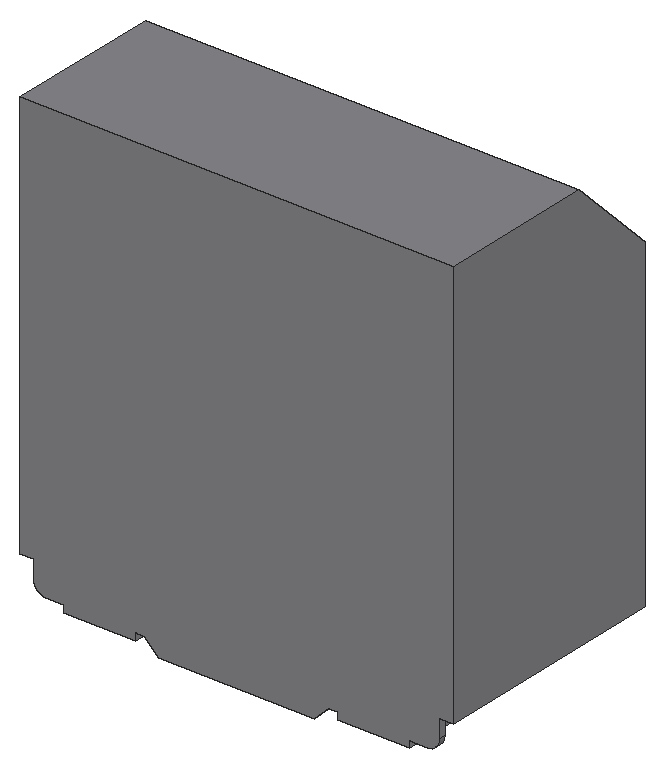
Revit family "FSR_Raceway_SW-WF-HP", category Electrical Fixtures, Revit 2026
Family settings
  Round Connector Dimension = Use Diameter
  Part Type = Normal
  Classification Number = 23.80.00.00
  Work Plane-Based = No
  Always vertical = Yes
  Cut with Voids When Loaded = No
  Maintain Annotation Orientation = No
  Shared = No
  Room Calculation Point = No
Parameters
  Manufacturer = "https://www.arcat.com/arcatcos/cos40/arc40389.html"  # constant formula
  Default Elevation = 0.00"
Reference planes (in)
  plane 1 "Center (Front/Back)": y = 0
  plane 2: z = 0
  plane 3 "Center (Left/Right)": x = 0
  plane 4: y = 2.48
  plane 5: z = 4.71
  plane 6: x = -2.19
  plane 7: x = 2.19
Forms (in)
  Extrusion 1, solid, material "ARCAT - FSR - Raceway - Accessory"
    sketch origin (0, 0, 0) x (0, 1, 0) y (0, 0, 1)
      loop
        line (2.476, 3.86) -> (1.626, 4.71) -> (0, 4.71) -> (0, 0.46) -> (2.476, 0.46) -> (2.476, 3.86)
    from -2.25 to 2.25
  Extrusion 2, solid, material "ARCAT - FSR - Raceway - Accessory"
    sketch origin (0, 0, 0) x (1, 0, 0) y (0, 0, 1)
      loop
        line (1.045, 0.075) -> (1.799, 0.075) -> (1.799, 0.135) -> (1.045, 0.135) -> (1.045, 0.075)
      loop
        line (-1.799, 0.075) -> (-1.045, 0.075) -> (-1.045, 0.135) -> (-1.799, 0.135) -> (-1.799, 0.075)
    from -1.125 to -0.06
  Extrusion 3, solid, material "ARCAT - FSR - Raceway - Accessory"
    sketch origin (0, 0, 0) x (1, 0, 0) y (0, 0, 1)
      loop
        line (2.1068, 0.60375) -> (-2.1068, 0.60375) -> (-2.1068, 0.27)
        arc (-2.1068, 0.27) -> (-2.07019, 0.18161) -> (-1.9818, 0.145) r 0.125
        line (-1.9818, 0.145) -> (-1.799, 0.143) -> (-1.799, 0.075) -> (-1.045, 0.075) -> (-1.045, 0.145) -> (-0.952, 0.145) -> (-0.807, 0) -> (0.807, 0) -> (0.952, 0.145) -> (1.045, 0.145) -> (1.045, 0.075) -> (1.799, 0.075) -> (1.799, 0.145) -> (1.9818, 0.145)
        arc (1.9818, 0.145) -> (2.07019, 0.18161) -> (2.1068, 0.27) r 0.125
        line (2.1068, 0.27) -> (2.1068, 0.60375)
    from -0.06 to 0
  Extrusion 4, solid, material "ARCAT - FSR - Raceway - Accessory"
    sketch origin (0, 0, 0) x (1, 0, 0) y (0, 1, 0)
      loop
        arc (-0.5791, 2.657) -> (-0.66748, 2.62039) -> (-0.7041, 2.532) r 0.125
        line (-0.7041, 2.532) -> (-0.7041, 0.06) -> (0.7041, 0.06) -> (0.7041, 2.532)
        arc (0.7041, 2.532) -> (0.66748, 2.62039) -> (0.5791, 2.657) r 0.125
        line (0.5791, 2.657) -> (-0.5791, 2.657)
    from 0.365 to 0.415
  Extrusion 5, void
    sketch origin (0, 0, 0) x (0, 1, 0) y (0, 0, 1)
      loop
        line (2.416, 3.83515) -> (1.60115, 4.65) -> (0.06, 4.65) -> (0.06, 0.46) -> (2.416, 0.46) -> (2.416, 3.83515)
    from -2.19 to 2.19
Cuts and joins
  Extrusion 5 cuts Extrusion 1
  Extrusion 5 cuts Extrusion 2
  Extrusion 5 cuts Extrusion 3
  Extrusion 5 cuts Extrusion 4
  joined: Extrusion 1, Extrusion 2, Extrusion 3, Extrusion 4
Dimensions and locks (in)
  aligned and locked: level to plane 2
